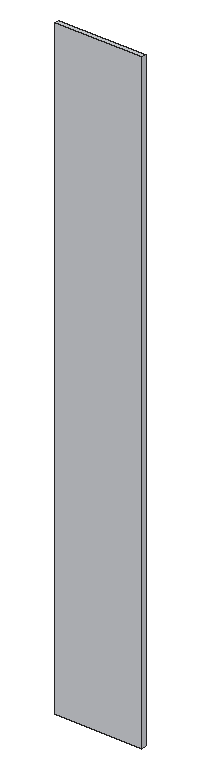
Revit family
Parameters (values of type "Wenger Cabinet Closure Panel")
  Panel Thickness = 0' - 0 3/4"
  Manufacturer = "Wenger Corporation"
  Description = "Closure Panel"
  Content Creator = "David Brown"
  Closure Panel Width [instance] = 1' - 0"
  Closure Panel Height [instance] = 7' - 1 5/8"
  Assembly Code = ""
Reference planes (in)
  plane 1 "Center Front/Back": y = 0
  plane 2: z = 0
  plane 3 "Center Left/Right": x = 0
  plane 4: x = -6
  plane 5: x = 6
  plane 6: y = 0.75
  plane 7: z = 85.625
Forms (in)
  Extrusion 1, solid
    sketch origin (0, 0, 0) x (1, 0, 0) y (0, 0, 1)
      loop
        line (-6, 85.625) -> (-6, 0) -> (6, 0) -> (6, 85.625) -> (-6, 85.625)
    from 0 to -0.75
Dimensions and locks (in)
  "Panel Thickness": plane 1 "Center Front/Back" to plane 6
  equal spacing: plane 4, plane 3 "Center Left/Right", plane 5
  "Closure Panel Width": plane 4 to plane 5
  "Closure Panel Height": plane 7 to plane 2
  aligned and locked: Extrusion 1 sketch curve to plane 5
  aligned and locked: Extrusion 1 sketch curve to plane 7
  aligned and locked: plane 4 to Extrusion 1 sketch curve
  aligned and locked: plane 2 to Extrusion 1 sketch curve
  aligned and locked: plane 6 to Extrusion 1
  aligned and locked: plane 1 "Center Front/Back" to Extrusion 1
